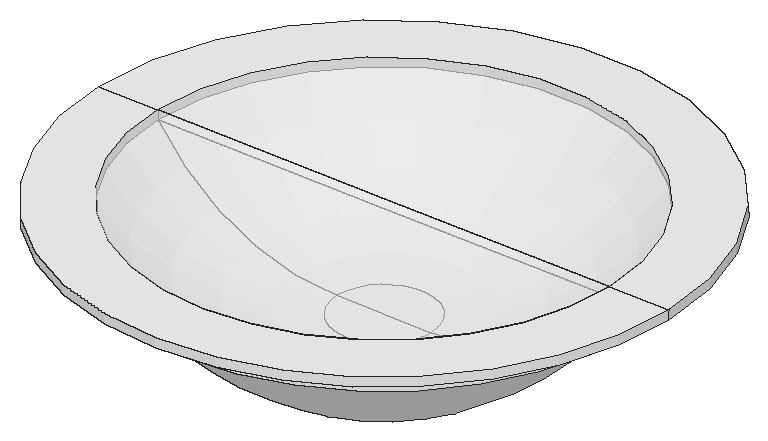
Revit family "0030343 Sylvania Lighting Fixture START Downlight 175 IP44 1-10V 1525Lm 840", category Lighting Fixtures, host Face, Revit 2016
Family settings
  Host = Face
  Part Type = Normal
  Round Connector Dimension = Use Diameter
  OmniClass Number = 23.80.70.00
  OmniClass Title = Lighting
  Cut with Voids When Loaded = No
  Light Source = Yes
  Shared = No
  Room Calculation Point = No
Parameters (values of type "0030343 ST DOWNLIGHT 175 IP44 1-10V 1525LM 840")
  Weight = "7.2 kg"
  Wattage Comments = ""
  Wattage = 15 W
  WarrantyStartDate [instance] = "n/a"
  WarrantyGuarantorParts = "n/a"
  WarrantyDurationUnit = "n/a"
  WarrantyDurationParts = "n/a"
  WarrantyDescription = "n/a"
  built-in parameter 1150110 = 1 (stored number, unit not read)
  Voltage = 230 V
  URL = "http://www.sylvania-lighting.com"
  TypeName = "START Downlight 175 IP44 1-10V 1525Lm 840"
  Type Image = <None>
  Type Comments = "n/a"
  built-in parameter 1114217 = 1 (stored number, unit not read)
  Tilt Angle = -90.00°
  built-in parameter 1150109 = 1 (stored number, unit not read)
  built-in parameter 1150134 = 12
  built-in parameter 1150113 = 1 (stored number, unit not read)
  SerialNumber [instance] = "n/a"
  S_SYL = no
  RadiusTop_SYL = if(S_SYL, 80 mm, if(M_SYL, 100 mm, if(L_SYL, 120 mm, 120 mm)))  # 100 mm
  Photometric Web File = "0030343.ies"
  Material_3_FEILO = Top-Sylvania-STARTDownlight
  PowerFactor = 0.9
  PowerConsumption = "15 W"
  NominalLength = 195 mm
  NominalHeight = 55 mm
  NominalDepth = 195 mm
  Name = "START Downlight 175 IP44 1-10V 1525Lm 840"
  ModelReference = Name  # "START Downlight 175 IP44 1-10V 1525Lm 840"
  ModelNumber = "0030343"
  Model = Name  # "START Downlight 175 IP44 1-10V 1525Lm 840"
  Material = "aluminium housing, polycarbonate diffuser"
  ManufacturerName = "Feilo Sylvania"
  Manufacturer = "Feilo Sylvania"
  M_SYL = yes
  LuminousEfficacy = "94.87 lm/W"
  built-in parameter 1150105 = 755.83 (stored number, unit not read)
  Lumens = 1423.15 lm
  LuminaireType = ""
  built-in parameter 1150115 = 1 (stored number, unit not read)
  LightOutputRatio = "100"
  built-in parameter 1150137 = (empty or 0)
  built-in parameter 1150139 = (empty or 0)
  LampsType = Lamp  # "LED"
  LampNominalLuminous = "1423 lm"
  LampMacAdamStep = "5"
  LampColourTemperature = "4000 K"
  LampColourRenderingIndex = "80"
  built-in parameter 1150112 = 1 (stored number, unit not read)
  built-in parameter 1150114 = 1 (stored number, unit not read)
  Lamp = "LED"
  L_SYL = no
  Keynote = "16500"
  InstallationDate [instance] = "n/a"
  InputVoltage = "220-240V~"
  InputNominalFrequency = "50/60 Hz"
  built-in parameter 1150132 = (empty or 0)
  built-in parameter 1150102 = (empty or 0)
  built-in parameter 1150107 = 4000 (stored number, unit not read)
  built-in parameter 1150138 = (empty or 0)
  IngressProtection = "IP20/44"
  ImpactProtectionIndex = "IK07"
  built-in parameter 1150106 = 7.5583 (stored number, unit not read)
  IfcExportType = "IfcLightFixtureType"
  IfcExportAs = "IfcLightFixtureType"
  Height_SYL = if(S_SYL, 41 mm, if(M_SYL, 47 mm, if(L_SYL, 56 mm, 62 mm)))  # 47 mm
  ExpectedLife = 50000
  Emit from Circle Diameter = Diameter_SYL - 40 mm  # 153 mm
  Emit Shape Visible in Rendering = no
  ElectricShockClassification = "Class II"
  built-in parameter 1150104 = 8.8144 (stored number, unit not read)
  DurationUnit = "hours"
  DocumentationLiterature = "http://www.sylvania-lighting.com/product/en-int/products/0030343"
  DimmingControlOptions = "Dimmable"
  Material_2_FEILO = Diffuser-Sylvania-STARTDownlight
  Dimming Lamp Color Temperature Shift = <None>
  Diameter_SYL = if(S_SYL, 164 mm, if(M_SYL, 193 mm, if(L_SYL, 220 mm, 240 mm)))  # 193 mm
  DiameterTop_SYL = if(S_SYL, 77 mm, if(M_SYL, 81 mm, if(L_SYL, 104 mm, 105 mm)))  # 81 mm
  DiameterRecess_SYL = if(S_SYL, 141 mm, if(M_SYL, 169 mm, if(L_SYL, 198 mm, 216 mm)))  # 169 mm
  Description = ""
  Default Elevation = 1219.2 mm
  CreatedOn = "8/1/2018"
  CreatedBy = "@sylvania-lighting.com"
  Cost = 0
  Color Filter = 16777215
  built-in parameter 1114216 [instance] = (empty or 0)
  ClassificationValue = "EF_70_80"
  ClassificationName = "Uniclass2015"
  Material_1_FEILO = Trim-Sylvania-STARTDownlight-White
  BarCode [instance] = "n/a"
  built-in parameter 1114218 = 1 (stored number, unit not read)
  built-in parameter 1150133 = 10 (stored number, unit not read)
  AssetType = "Fixed"
  AssetIdentifier [instance] = "n/a"
  Assembly Code = "D5020200"
  Apparent Load = 15 VA
  Material_4_FEILO = LED-Sylvania-STARTDownlight
Reference planes
  plane 1 "Center (Front/Back)": y = 0
  plane 2: z = 0
  plane 3 "Center (Left/Right)": x = 0
  plane 4: x = 96.5
  plane 5: x = -96.5
  plane 6: z = 3
  plane 7: z = -8
  plane 8: z = -42
  plane 9: z = -44
  plane 10: x = -84.5
  plane 11: x = 84.5
  plane 12: x = -40.5
  plane 13: x = 40.5
  plane 14: x = -76.5
  plane 15: x = 76.5
  plane 16: z = -85
  plane 17: x = -76.5
  plane 18: z = 2
  plane 19: z = -32
  plane 20: x = -16
Forms (mm)
  Revolve 1, solid
    sketch origin (0, 0, 0) x (1, 0, 0) y (0, 0, 1)
      loop
        line (-96.5, 3) -> (-96.5, 0) -> (-84.5, 0) -> (-84.5, -8) -> (-76.5, -8)
        arc (-76.5, -8) -> (-60.638, -27.264) -> (-40.5, -42) r 100
        line (-40.5, -42) -> (0, -42) -> (0, -32) -> (-16, -32)
        arc (-16, -32) -> (-50.221, -23.507) -> (-76.5, 0) r 73.191
        line (-76.5, 0) -> (-76.5, 3) -> (-96.5, 3)
      axis (0, 3) -> (0, -42)
    angle from 360 to 0
  Revolve 2, void
    sketch origin (0, 0, 0) x (1, 0, 0) y (0, 0, 1)
      loop
        line (0, 0) -> (-84.5, 0) -> (-84.5, -85) -> (0, -85) -> (0, 0)
      axis (0, 0) -> (0, -85)
    angle from 360 to 0
  Revolve 3, solid, material "Diffuser-Sylvania-STARTDownlight" <- "Material_2_FEILO"
    sketch origin (0, 0, 0) x (1, 0, 0) y (0, 0, 1)
      loop
        line (-76.5, 3) -> (-76.5, 0) -> (0, 0) -> (0, 3) -> (-76.5, 3)
      axis (0, 3) -> (0, 0)
    angle from 360 to 0
Dimensions and locks
  equal spacing: plane 4, plane 3 "Center (Left/Right)", plane 5
  "Diameter_SYL": plane 4 to plane 5
  equal spacing: plane 11, plane 3 "Center (Left/Right)", plane 10
  equal spacing: plane 13, plane 3 "Center (Left/Right)", plane 12
  "DiameterTop_SYL": plane 13 to plane 12
  equal spacing: plane 15, plane 3 "Center (Left/Right)", plane 14
  locked: plane 6 to plane 2 at 3
  "Height_SYL": plane 6 to plane 9
  locked: plane 8 to plane 9 at 2
  locked: plane 2 to plane 7 at 8
  locked: plane 2 to plane 16 at 85
  locked: plane 17 to plane 5 at 20
  locked: plane 6 to plane 18 at 1
  "DiameterRecess_SYL": plane 11 to plane 10
  locked: plane 19 to plane 8 at 10
  locked: plane 3 "Center (Left/Right)" to plane 20 at 16
  locked: plane 14 to plane 5 at 20
  "RadiusTop_SYL": radius of Revolve 1 sketch curve
  aligned and locked: plane 2 to host face
  aligned and locked: level to host face
  aligned and locked: Revolve 1 sketch curve to plane 5
  aligned and locked: Revolve 1 sketch curve to level
  aligned and locked: plane 7 to Revolve 1 sketch curve
  aligned and locked: Revolve 1 sketch curve to plane 10
  aligned and locked: plane 14 to Revolve 1 sketch curve
  aligned and locked: plane 3 "Center (Left/Right)" to Revolve 1 sketch curve
  aligned and locked: Revolve 1 sketch curve to plane 8
  aligned and locked: Revolve 1 sketch curve to plane 3 "Center (Left/Right)"
  aligned and locked: Revolve 2 sketch curve to plane 3 "Center (Left/Right)"
  aligned and locked: plane 3 "Center (Left/Right)" to Revolve 2 sketch curve
  aligned and locked: Revolve 2 sketch curve to plane 10
  aligned and locked: plane 16 to Revolve 2 sketch curve
  aligned and locked: Revolve 1 sketch curve to plane 6
  aligned and locked: plane 19 to Revolve 1 sketch curve
  aligned and locked: plane 20 to Revolve 1 sketch curve
  aligned and locked: Revolve 1 sketch curve to Revolve 1 sketch curve
  aligned and locked: plane 17 to Revolve 1 sketch curve
  aligned and locked: plane 2 to Revolve 1 sketch curve
  aligned and locked: Revolve 3 sketch curve to plane 3 "Center (Left/Right)"  (x2)
  aligned and locked: plane 3 "Center (Left/Right)" to imposter light
  aligned and locked: imposter light to plane 18
  aligned and locked: imposter light to plane 1 "Center (Front/Back)"
  aligned and locked: plane 14 to Revolve 3 sketch curve
Automatic sketch dimensions
  host sketch curve to host sketch curve = 2438.4 mm  (x2)
  plane 16 to Revolve 2 sketch curve = 524.6 mm
  Revolve 2 sketch curve to plane 6 = 2606.058 mm
  Revolve 1 sketch curve to plane 12 = 0 mm
  plane 16 to Revolve 1 sketch curve = 524.6 mm
  Revolve 1 sketch curve to Revolve 1 sketch curve = 2581.366 mm
  Revolve 2 sketch curve to level = 0 mm
  Revolve 3 sketch curve to plane 6 = 0 mm
  Revolve 3 sketch curve to level = 0 mm
  plane 16 to Revolve 3 sketch curve = 524.6 mm
  Revolve 3 sketch curve to Revolve 3 sketch curve = 2606.058 mm
Connectors
  electrical at (0, 0, 0), driven by "Apparent Load", driven by "PowerFactor", driven by "Voltage"
    settings: index 1, voltage 230 V, apparent load 15 VA, apparent load phase1 0 VA, apparent load phase2 0 VA, apparent load phase3 0 VA, power factor 0.9, load classification "Lighting", number of poles 1, system type 30, power factor state 1, is connector primary yes, connector utility no, sub classification motor no, connector description ""
